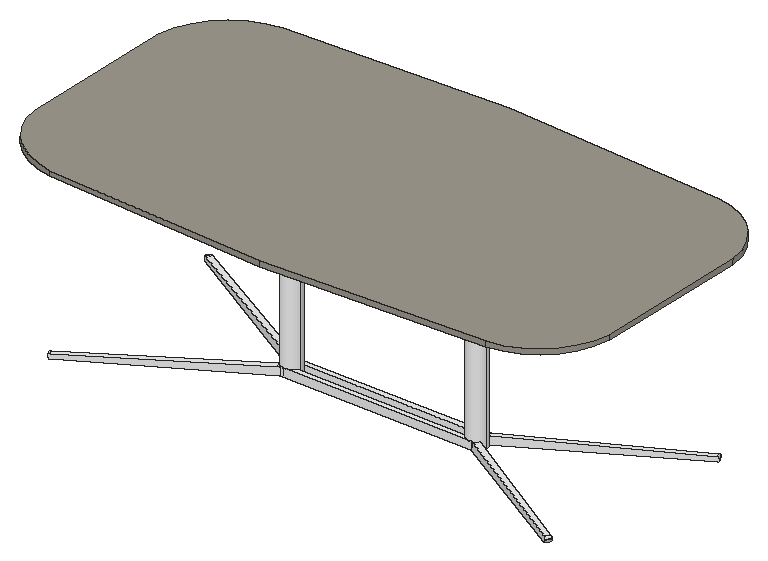
Revit family "Table-Coffee-Teknion-STMTT_Envita-R2011", category Furniture, Revit 2013
Parameters (values of type "18 1/2" High")
  Width = 2' - 4.74016"  # constant formula
  Warranty = "http://www.teknionstudio.com/pdfs/Teknion%20Studio%20Warranty.pdf"
  URL = "http://www.teknionstudio.com/"
  Surface and Edge Trim Finish [instance] = Wood - Teknion - MP G - Natural Maple Flat Edge
  Series = "Teknion Studio"
  Salvage or Reuse = yes
  Product Page URL = "http://www.teknionstudio.com/envita_tables/#.UkRdPz8QP-o"
  Product Line = "Envita"
  Product Documentation Link = "http://www.teknionstudio.com/pricing/STMTT_ppg.pdf"
  Percentage of Recycled Content = 0
  Part Number = "STMTT"
  Model = "STMTTC"
  Manufacturer Phone = "919-464-2920"
  Manufacturer Fax = "919-464-2927"
  Manufacturer Email = "mailto:customersupport@teknionstudio.com"
  Manufacturer Address = "3940 US 70 Business HWY West, Clayton, NC 27520"
  Manufacturer = "Teknion Studio"  # constant formula
  Low Emitting Material = yes
  Low Emitting Finish = yes
  Height = 1' - 6 1/2"
  Frame Finish [instance] = Metal - Teknion - C6 - Chrome
  Description = "Envita Rectangle Coffee Table, 18 1/2\" (47cm) High"
  Depth = 4' - 5.54"  # constant formula
  Assembly Code = "E2020200"
Types (2): name | Model | Height | Description
  15" High | "STMTTA" | 1' - 3" | "Envita Rectangle Coffee Table, 15\" (38cm) High"
  18 1/2" High | "STMTTC" | 1' - 6 1/2" | "Envita Rectangle Coffee Table, 18 1/2\" (47cm) High"
Reference planes (in)
  plane 1 "Center F/B": y = 0
  plane 2: z = 0
  plane 3 "Center L/R": x = 0
  plane 4 "Top": z = 18.5
  plane 5: z = 18.02756
  plane 6: z = 17.90256
  plane 7: z = 0.75
  plane 8: z = 0.40308
  plane 9: z = 17.40256
  plane 10: x = -8.53649
  plane 11 "S1Left": through (-23.585, -9.14916, 48) normal (-0.5, 0.866, 0)
  plane 12: through (-23.71, -8.93265, 48) normal (-0.5, 0.866, 0)
  plane 13: through (-23.46, -9.36566, 48) normal (-0.5, 0.866, 0)
  plane 14: through (-23.46, -9.36566, 48) normal (-0.866, -0.5, 0)
  plane 15 "S1Sup. Left": through (-18.69185, -7.11086, 48) normal (-0.5736, 0.8192, 0)
  plane 16: through (-18.83525, -6.90607, 48) normal (-0.5736, 0.8192, 0)
  plane 17: through (-18.54846, -7.31565, 48) normal (-0.5736, 0.8192, 0)
  plane 18: through (-18.82328, -6.89769, 48) normal (0.8192, 0.5736, 0)
  plane 19: through (-9.41758, -0.31175, 48) normal (0.8192, 0.5736, 0)
  plane 20: through (-9.00095, -1.01773, 48) normal (-0.866, -0.5, 0)
  plane 21: through (-23.585, 9.14916, 48) normal (0.5, 0.866, 0)
  plane 22: through (-23.71, 8.93265, 48) normal (0.5, 0.866, 0)
  plane 23: through (-23.46, 9.36566, 48) normal (0.5, 0.866, 0)
  plane 24: through (-23.46, 9.36566, 48) normal (0.866, -0.5, 0)
  plane 25: through (-18.69185, 7.11086, 48) normal (0.5736, 0.8192, 0)
  plane 26: through (-18.83525, 6.90607, 48) normal (0.5736, 0.8192, 0)
  plane 27: through (-18.54846, 7.31565, 48) normal (0.5736, 0.8192, 0)
  plane 28: through (-18.82328, 6.89769, 48) normal (-0.8192, 0.5736, 0)
  plane 29: through (-9.41758, 0.31175, 48) normal (-0.8192, 0.5736, 0)
  plane 30: through (-9.00095, 1.01773, 48) normal (0.866, -0.5, 0)
  plane 31: x = 8.53649
  plane 32: through (23.585, -9.14916, 48) normal (-0.5, -0.866, 0)
  plane 33: through (23.71, -8.93265, 48) normal (-0.5, -0.866, 0)
  plane 34: through (23.46, -9.36566, 48) normal (-0.5, -0.866, 0)
  plane 35: through (23.46, -9.36566, 48) normal (-0.866, 0.5, 0)
  plane 36: through (18.69185, -7.11086, 48) normal (-0.5736, -0.8192, 0)
  plane 37: through (18.83525, -6.90607, 48) normal (-0.5736, -0.8192, 0)
  plane 38: through (18.54846, -7.31565, 48) normal (-0.5736, -0.8192, 0)
  plane 39: through (18.82328, -6.89769, 48) normal (0.8192, -0.5736, 0)
  plane 40: through (9.41758, -0.31175, 48) normal (0.8192, -0.5736, 0)
  plane 41: through (9.00095, -1.01773, 48) normal (-0.866, 0.5, 0)
  plane 42: through (23.585, 9.14916, 48) normal (0.5, -0.866, 0)
  plane 43: through (23.71, 8.93265, 48) normal (0.5, -0.866, 0)
  plane 44: through (23.46, 9.36566, 48) normal (0.5, -0.866, 0)
  plane 45: through (23.46, 9.36566, 48) normal (0.866, 0.5, 0)
  plane 46: through (18.69185, 7.11086, 48) normal (0.5736, -0.8192, 0)
  plane 47: through (18.83525, 6.90607, 48) normal (0.5736, -0.8192, 0)
  plane 48: through (18.54846, 7.31565, 48) normal (0.5736, -0.8192, 0)
  plane 49: through (18.82328, 6.89769, 48) normal (-0.8192, -0.5736, 0)
  plane 50: through (9.41758, 0.31175, 48) normal (-0.8192, -0.5736, 0)
  plane 51: through (9.00095, 1.01773, 48) normal (0.866, 0.5, 0)
  plane 52: x = -19.99835
  plane 53: x = 19.99835
  plane 54: x = -26.77
  plane 55: x = 26.77
  plane 56: y = 14.37008
  plane 57: y = 9
  plane 58: y = -14.37008
  plane 59: y = -9
  plane 60: y = -8
  plane 61: x = -18.99835
  plane 62: y = 8
  plane 63: x = 18.99835
Forms (in)
  Extrusion 1, solid, material "Metal - Teknion - C6 - Chrome" <- "Frame Finish"
    sketch origin (0, 0, 18.5) x (-1, 0, 0) y (0, -1, 0)
      loop
        arc (7.56825, -0.25) -> (9.53649, 0) -> (7.56825, 0.25) r 1
        line (7.56825, 0.25) -> (-7.56825, 0.25)
        arc (-7.56825, 0.25) -> (-9.53649, 0) -> (-7.56825, -0.25) r 1
        line (-7.56825, -0.25) -> (7.56825, -0.25)
    from -0.59744 to -1.09744
  Extrusion 2, solid, material "Metal - Teknion - C6 - Chrome" <- "Frame Finish"
    sketch origin (-23.46, -9.36566, 48) x (-0.866025, -0.5, 0) y (0, 0, 1)
      loop
        line (0, -47.85) -> (0, -47.74384)
        arc (0, -47.74384) -> (-0.04284, -47.63888) -> (-0.14688, -47.59387) r 0.15
        line (-0.14688, -47.59387) -> (-16.69587, -47.25) -> (-16.69587, -48) -> (-0.15, -48)
        arc (-0.15, -48) -> (-0.04393, -47.95607) -> (0, -47.85) r 0.15
    from 0 to 0.5
  Extrusion 3, solid, material "Metal - Teknion - C6 - Chrome" <- "Frame Finish"
    sketch origin (21.29547, -8.11597, 48) x (0.866025, -0.5, 0) y (0, 0, -1)
      loop
        arc (0, 47.85) -> (-0.04393, 47.95607) -> (-0.15, 48) r 0.15
        line (-0.15, 48) -> (-14.19649, 48) -> (-14.19649, 47.25) -> (-0.14688, 47.59387)
        arc (-0.14688, 47.59387) -> (-0.04284, 47.63888) -> (0, 47.74384) r 0.15
        line (0, 47.74384) -> (0, 47.85)
    from 0 to 0.5
  Extrusion 4, solid, material "Metal - Teknion - C6 - Chrome" <- "Frame Finish"
    sketch origin (-23.46, 9.36566, 48.25) x (-0.866025, 0.5, 0) y (0, 0, -1)
      loop
        arc (0, 48.1) -> (-0.04393, 48.20607) -> (-0.15, 48.25) r 0.15
        line (-0.15, 48.25) -> (-16.69587, 48.25) -> (-16.69587, 47.50435) -> (-0.14692, 47.84387)
        arc (-0.14692, 47.84387) -> (-0.04285, 47.88887) -> (0, 47.99384) r 0.15
        line (0, 47.99384) -> (0, 48.1)
    from 0 to 0.5
  Extrusion 5, solid, material "Metal - Teknion - C6 - Chrome" <- "Frame Finish"
    sketch origin (23.46, 9.36566, 49.5625) x (0.866025, 0.5, 0) y (0, 0, 1)
      loop
        line (0, -49.4125) -> (0, -49.30634)
        arc (0, -49.30634) -> (-0.04285, -49.20137) -> (-0.14691, -49.15637) r 0.15
        line (-0.14691, -49.15637) -> (-16.69587, -48.81567) -> (-16.69587, -49.5625) -> (-0.15, -49.5625)
        arc (-0.15, -49.5625) -> (-0.04393, -49.51857) -> (0, -49.4125) r 0.15
    from 0 to 0.5
  Extrusion 6, solid, material "Metal - Teknion - C6 - Chrome" <- "Frame Finish"
    sketch origin (0, 0, 0) x (1, 0, 0) y (0, 1, 0)
      loop
        arc (-8.64976, 0.875) -> (-8.7502, 0.88822) -> (-8.8438, 0.92699) r 0.38808
        line (-8.8438, 0.92699) -> (-9.00095, 1.01773) -> (-9.25095, 0.58471) -> (-9.07951, 0.48573)
        arc (-9.07951, 0.48573) -> (-8.88017, 0.40316) -> (-8.66625, 0.375) r 0.82652
        line (-8.66625, 0.375) -> (8.6512, 0.375)
        arc (8.6512, 0.375) -> (8.87966, 0.40508) -> (9.09255, 0.49326) r 0.88269
        line (9.09255, 0.49326) -> (9.25095, 0.58471) -> (9.00095, 1.01773) -> (8.83544, 0.92217)
        arc (8.83544, 0.92217) -> (8.75053, 0.887) -> (8.6594, 0.875) r 0.35208
        line (8.6594, 0.875) -> (-8.64976, 0.875)
      loop
        arc (-8.66404, -0.375) -> (-8.8801, -0.40344) -> (-9.08143, -0.48684) r 0.83479
        line (-9.08143, -0.48684) -> (-9.25095, -0.58471) -> (-9.00095, -1.01773) -> (-8.84812, -0.92949)
        arc (-8.84812, -0.92949) -> (-8.75003, -0.88886) -> (-8.64476, -0.875) r 0.40671
        line (-8.64476, -0.875) -> (8.66424, -0.875)
        arc (8.66424, -0.875) -> (8.75069, -0.88638) -> (8.83126, -0.91975) r 0.33403
        line (8.83126, -0.91975) -> (9.00095, -1.01773) -> (9.25095, -0.58471) -> (9.08445, -0.48858)
        arc (9.08445, -0.48858) -> (8.87998, -0.40389) -> (8.66055, -0.375) r 0.84779
        line (8.66055, -0.375) -> (-8.66404, -0.375)
    from 0 to 0.75
  Extrusion 7, solid, material "Metal - Teknion - C6 - Chrome" <- "Frame Finish"
    sketch origin (0, 0, 0) x (1, 0, 0) y (0, 1, 0)
      loop
        circle (-8.53649, 0) r 0.875
      loop
        circle (8.53649, 0) r 0.875
    from 0 to 17.40256
  Extrusion 8, solid, material "Metal - Teknion - C6 - Chrome" <- "Frame Finish"
    sketch origin (-18.54846, -7.31565, 48) x (-0.819152, -0.573576, 0) y (0, 0, -1)
      loop
        line (-0.01461, 30.09744) -> (-0.01461, 30.24963)
        arc (-0.01461, 30.24963) -> (-0.08706, 30.42563) -> (-0.26241, 30.49962) r 0.25
        line (-0.26241, 30.49962) -> (-11.49685, 30.59842) -> (-11.49685, 30.09744) -> (-0.01461, 30.09744)
    from -0.5 to 0
  Extrusion 9, solid, material "Metal - Teknion - C6 - Chrome" <- "Frame Finish"
    sketch origin (-18.54846, 7.31565, 48) x (-0.819152, 0.573576, 0) y (0, 0, 1)
      loop
        line (-0.01461, -30.09744) -> (-11.49685, -30.09744) -> (-11.49685, -30.59842) -> (-0.26241, -30.49962)
        arc (-0.26241, -30.49962) -> (-0.08706, -30.42563) -> (-0.01461, -30.24963) r 0.25
        line (-0.01461, -30.24963) -> (-0.01461, -30.09744)
    from -0.5 to 0
  Extrusion 10, solid, material "Metal - Teknion - C6 - Chrome" <- "Frame Finish"
    sketch origin (18.54846, -7.31565, 48) x (0.819152, -0.573576, 0) y (0, 0, 1)
      loop
        line (-0.01461, -30.09744) -> (-11.49685, -30.09744) -> (-11.49685, -30.59842) -> (-0.26241, -30.49962)
        arc (-0.26241, -30.49962) -> (-0.08706, -30.42563) -> (-0.01461, -30.24963) r 0.25
        line (-0.01461, -30.24963) -> (-0.01461, -30.09744)
    from -0.5 to 0
  Extrusion 11, solid, material "Metal - Teknion - C6 - Chrome" <- "Frame Finish"
    sketch origin (18.54846, 7.31565, 48) x (0.819152, 0.573576, 0) y (0, 0, -1)
      loop
        line (-0.01461, 30.09744) -> (-0.01461, 30.24963)
        arc (-0.01461, 30.24963) -> (-0.08706, 30.42563) -> (-0.26241, 30.49962) r 0.25
        line (-0.26241, 30.49962) -> (-11.49685, 30.59636) -> (-11.49685, 30.09744) -> (-0.01461, 30.09744)
    from -0.5 to 0
  Extrusion 12, solid, material "Metal - Teknion - C6 - Chrome" <- "Frame Finish"
    sketch origin (-15, -180, 17.90256) x (-1, 0, 0) y (0, -1, 0)
      loop
        line (-32.99835, -189) -> (2.99835, -189)
        arc (2.99835, -189) -> (4.41256, -188.41421) -> (4.99835, -187) r 2
        line (4.99835, -187) -> (4.99835, -173)
        arc (4.99835, -173) -> (4.41256, -171.58579) -> (2.99835, -171) r 2
        line (2.99835, -171) -> (-32.99835, -171)
        arc (-32.99835, -171) -> (-34.41256, -171.58579) -> (-34.99835, -173) r 2
        line (-34.99835, -173) -> (-34.99835, -187)
        arc (-34.99835, -187) -> (-34.41256, -188.41421) -> (-32.99835, -189) r 2
    from 0 to 0.125
  Extrusion 13, solid, material "Wood - Teknion - MP G - Natural Maple Flat Edge" <- "Surface and Edge Trim Finish"
    sketch origin (0, 0, 18.5) x (-1, 0, 0) y (0, -1, 0)
      loop
        arc (-20.04365, -13.4054) -> (-10.03342, -14.12877) -> (0, -14.37008) r 208.71063
        arc (0, -14.37008) -> (10.03342, -14.12877) -> (20.04365, -13.4054) r 208.71063
        arc (20.04365, -13.4054) -> (24.36125, -11.37532) -> (26.41337, -7.06814) r 7.08661
        arc (26.41337, -7.06814) -> (26.77165, 0) -> (26.41337, 7.06814) r 69.89829
        arc (26.41337, 7.06814) -> (24.36125, 11.37532) -> (20.04365, 13.4054) r 7.08661
        arc (20.04365, 13.4054) -> (10.03342, 14.12877) -> (0, 14.37008) r 208.71063
        arc (0, 14.37008) -> (-10.03342, 14.12877) -> (-20.04365, 13.4054) r 208.71063
        arc (-20.04365, 13.4054) -> (-24.36125, 11.37532) -> (-26.41337, 7.06814) r 7.08661
        arc (-26.41337, 7.06814) -> (-26.77165, 0) -> (-26.41337, -7.06814) r 69.89829
        arc (-26.41337, -7.06814) -> (-24.36125, -11.37532) -> (-20.04365, -13.4054) r 7.08661
    from 0 to -0.47244
Cuts and joins
  joined: Extrusion 2, Extrusion 3, Extrusion 4, Extrusion 5, Extrusion 6, Extrusion 7
Lines and regions (in)
  Masking region 1
    outline origin (0, 0, 18.5) x (-1, 0, 0) y (0, -1, 0)
      loop
        arc (20.04365, -13.4054) -> (24.36125, -11.37532) -> (26.41337, -7.06814) r 7.08661
        arc (26.41337, -7.06814) -> (26.77165, 0) -> (26.41337, 7.06814) r 69.89829
        arc (26.41337, 7.06814) -> (24.36125, 11.37532) -> (20.04365, 13.4054) r 7.08661
        arc (20.04365, 13.4054) -> (10.03342, 14.12877) -> (0, 14.37008) r 208.71063
        arc (0, 14.37008) -> (-10.03342, 14.12877) -> (-20.04365, 13.4054) r 208.71063
        arc (-20.04365, 13.4054) -> (-24.36125, 11.37532) -> (-26.41337, 7.06814) r 7.08661
        arc (-26.41337, 7.06814) -> (-26.77165, 0) -> (-26.41337, -7.06814) r 69.89829
        arc (-26.41337, -7.06814) -> (-24.36125, -11.37532) -> (-20.04365, -13.4054) r 7.08661
        arc (-20.04365, -13.4054) -> (-10.03342, -14.12877) -> (0, -14.37008) r 208.71063
        arc (0, -14.37008) -> (10.03342, -14.12877) -> (20.04365, -13.4054) r 208.71063
  symbolic lines, style "Hidden Lines", detail levels fine
    curve 1: line (17.99835, 9, 18.5) -> (-17.99835, 9, 18.5)
    curve 2: line (-19.99835, 7, 18.5) -> (-19.99835, -7, 18.5)
    curve 3: line (19.99835, 7, 18.5) -> (19.99835, -7, 18.5)
    curve 4: line (17.99835, -9, 18.5) -> (-17.99835, -9, 18.5)
    curve 5: arc (-19.99835, -7, 18.5) -> (-19.41256, -8.41421, 18.5) -> (-17.99835, -9, 18.5) r 2
    curve 6: arc (-17.99835, 9, 18.5) -> (-19.41256, 8.41421, 18.5) -> (-19.99835, 7, 18.5) r 2
    curve 7: arc (19.99835, 7, 18.5) -> (19.41256, 8.41421, 18.5) -> (17.99835, 9, 18.5) r 2
    curve 8: arc (17.99835, -9, 18.5) -> (19.41256, -8.41421, 18.5) -> (19.99835, -7, 18.5) r 2
  symbolic lines, style "Hidden Lines", detail levels medium+fine
    curve 9: line (-23.46, 9.36566, 18.5) -> (-23.71, 8.93265, 18.5)
    curve 10: line (-23.71, 8.93265, 18.5) -> (-9.10817, 0.50228, 18.5)
    curve 11: line (-23.46, 9.36566, 18.5) -> (-8.86281, 0.93797, 18.5)
    curve 12: line (-23.71, -8.93265, 18.5) -> (-9.10817, -0.50228, 18.5)
    curve 13: line (-23.46, -9.36566, 18.5) -> (-8.86281, -0.93797, 18.5)
    curve 14: line (-23.46, -9.36566, 18.5) -> (-23.71, -8.93265, 18.5)
    curve 15: line (23.46, 9.36566, 18.5) -> (23.71, 8.93265, 18.5)
    curve 16: line (23.46, 9.36566, 18.5) -> (8.86281, 0.93797, 18.5)
    curve 17: line (23.71, 8.93265, 18.5) -> (9.10817, 0.50228, 18.5)
    curve 18: line (23.71, -8.93265, 18.5) -> (9.10817, -0.50228, 18.5)
    curve 19: line (23.46, -9.36566, 18.5) -> (8.86281, -0.93797, 18.5)
    curve 20: line (23.46, -9.36566, 18.5) -> (23.71, -8.93265, 18.5)
    curve 21: line (8.62781, 0.875, 18.5) -> (-8.62781, 0.875, 18.5)
    curve 22: line (-8.63317, 0.375, 18.5) -> (8.63317, 0.375, 18.5)
    curve 23: line (8.63317, -0.375, 18.5) -> (-8.63317, -0.375, 18.5)
    curve 24: line (-8.62781, -0.875, 18.5) -> (8.62781, -0.875, 18.5)
    curve 25: arc (-8.63317, -0.375, 18.5) -> (-8.87904, -0.40737, 18.5) -> (-9.10817, -0.50228, 18.5) r 0.95
    curve 26: arc (-8.86281, -0.93797, 18.5) -> (-8.74945, -0.89101, 18.5) -> (-8.62781, -0.875, 18.5) r 0.47
    curve 27: arc (-8.86281, 0.93797, 18.5) -> (-8.74945, 0.89101, 18.5) -> (-8.62781, 0.875, 18.5) r 0.47
    curve 28: arc (-9.10817, 0.50228, 18.5) -> (-8.87904, 0.40737, 18.5) -> (-8.63317, 0.375, 18.5) r 0.95
    curve 29: arc (8.86281, 0.93797, 18.5) -> (8.74945, 0.89101, 18.5) -> (8.62781, 0.875, 18.5) r 0.47
    curve 30: arc (9.10817, 0.50228, 18.5) -> (8.87904, 0.40737, 18.5) -> (8.63317, 0.375, 18.5) r 0.95
    curve 31: arc (9.10817, -0.50228, 18.5) -> (8.87904, -0.40737, 18.5) -> (8.63317, -0.375, 18.5) r 0.95
    curve 32: arc (8.86281, -0.93797, 18.5) -> (8.74945, -0.89101, 18.5) -> (8.62781, -0.875, 18.5) r 0.47
    curve 33: circle (-8.53649, 0, 18.5) r 0.63236 normal (0, 0, 1)
    curve 34: circle (8.53649, 0, 18.5) r 0.63236 normal (0, 0, -1)
Dimensions and locks (in)
  "Height": plane 4 "Top" to plane 2
  locked: plane 19 to plane 18 at 11.48224
  locked: plane 14 to plane 20 at 16.69587
  equal spacing: plane 12, plane 11 "S1Left", plane 13
  equal spacing: plane 17, plane 15 "S1Sup. Left", plane 16
  locked: plane 17 to plane 16 at 0.5
  locked: plane 12 to plane 13 at 0.5
  locked: plane 29 to plane 28 at 11.48224
  locked: plane 24 to plane 30 at 16.69587
  equal spacing: plane 22, plane 21, plane 23
  equal spacing: plane 27, plane 25, plane 26
  locked: plane 27 to plane 26 at 0.5
  locked: plane 22 to plane 23 at 0.5
  locked: plane 40 to plane 39 at 11.48224
  locked: plane 35 to plane 41 at 16.69587
  equal spacing: plane 33, plane 32, plane 34
  equal spacing: plane 38, plane 36, plane 37
  locked: plane 38 to plane 37 at 0.5
  locked: plane 33 to plane 34 at 0.5
  locked: plane 50 to plane 49 at 11.48224
  locked: plane 45 to plane 51 at 16.69587
  equal spacing: plane 43, plane 42, plane 44
  equal spacing: plane 48, plane 46, plane 47
  locked: plane 48 to plane 47 at 0.5
  locked: plane 43 to plane 44 at 0.5
  equal spacing: plane 10, plane 3 "Center L/R", plane 31
  locked: plane 10 to plane 31 at 17.07298
  locked: plane 8 to plane 2 at 0.40308
  locked: plane 7 to plane 2 at 0.75
  locked: plane 6 to plane 9 at 0.5
  locked: plane 5 to plane 6 at 0.125
  locked: plane 4 "Top" to plane 9 at 1.09744
  equal spacing: Extrusion 1 sketch curve, plane 1 "Center F/B", Extrusion 1 sketch curve
  locked: Extrusion 1 sketch curve to Extrusion 1 sketch curve at 0.5
  equal spacing: plane 56, plane 1 "Center F/B", plane 58
  "Width": plane 56 to plane 58
  equal spacing: plane 54, plane 3 "Center L/R", plane 55
  "Depth": plane 54 to plane 55
  locked: plane 54 to plane 52 at 6.77165
  locked: plane 57 to plane 56 at 5.37008
  locked: plane 59 to plane 58 at 5.37008
  locked: plane 53 to plane 55 at 6.77165
  locked: plane 52 to plane 61 at 1
  locked: plane 60 to plane 59 at 1
  locked: plane 62 to plane 57 at 1
  locked: plane 63 to plane 53 at 1
  curve 24 to curve 23 to plane 1 "Center F/B" to curve 22 to curve 21 = 0' - 0 1/2" locked, 0' - 0 3/8" locked, 0' - 0 3/8" locked, 0' - 0 1/2" locked
  locked: plane 54 to Extrusion 13 sketch curve at 7.40692  (x2)
  locked: Extrusion 13 sketch curve to plane 55 at 7.40692  (x2)
  locked: Extrusion 13 sketch curve to plane 58 at 8.01854  (x2)
  locked: Extrusion 13 sketch curve to plane 56 at 8.01854  (x2)
  locked: Extrusion 3 sketch curve to plane 2 at 0.75
  locked: plane 31 to Extrusion 3 sketch curve at 12.75898
  plane 10 to Extrusion 4 sketch curve to Extrusion 4 sketch curve = 0' - 0.46446" locked, 1' - 2.45905" locked
  locked: Extrusion 4 sketch curve to plane 2 at 0.40613
  locked: Extrusion 4 sketch curve to plane 2 at 0.74565
  plane 31 to Extrusion 5 sketch curve to Extrusion 5 sketch curve = 0' - 0.46446" locked, 1' - 2.45905" locked
  locked: Extrusion 5 sketch curve to plane 2 at 0.74683
  locked: Extrusion 5 sketch curve to plane 2 at 0.40613
  locked: plane 4 "Top" to Extrusion 10 sketch curve at 0.59744
  locked: plane 4 "Top" to Extrusion 10 sketch curve at 1.09842
  locked: plane 4 "Top" to Extrusion 10 sketch curve at 0.99962
  locked: plane 31 to Extrusion 10 sketch curve at 0.5943
  locked: plane 31 to Extrusion 10 sketch curve at 10
  plane 1 "Center F/B" to Extrusion 11 sketch curve to Extrusion 11 sketch curve = 0' - 0.72133" locked, 0' - 6 75/128" locked
  locked: plane 6 to Extrusion 11 sketch curve at 0.40218
  locked: plane 6 to Extrusion 11 sketch curve at 0.49892
  locked: Extrusion 10 sketch curve to plane 1 "Center F/B" at 0.72133
  locked: Extrusion 10 sketch curve to plane 1 "Center F/B" at 7.30727  (x2)
  locked: Extrusion 1 sketch curve to Extrusion 1 sketch curve (radius 0' - 1")  (x2)
  aligned and locked: level to plane 2
  aligned and locked: plane 10 to Extrusion 1 sketch curve
  aligned and locked: plane 1 "Center F/B" to Extrusion 1 sketch curve  (x2)
  aligned and locked: plane 31 to Extrusion 1 sketch curve
  aligned and locked: Extrusion 1 to plane 9
  aligned and locked: plane 6 to Extrusion 1
  aligned and locked: plane 14 to Extrusion 2 sketch curve
  aligned and locked: plane 20 to Extrusion 2 sketch curve
  aligned and locked: plane 2 to Extrusion 2 sketch curve
  aligned and locked: Extrusion 3 to plane 34
  aligned and locked: Extrusion 2 to plane 13
  aligned and locked: Extrusion 4 to plane 23
  aligned and locked: Extrusion 5 to plane 44
  aligned and locked: plane 41 to Extrusion 6 sketch curve
  aligned and locked: Extrusion 6 sketch curve to plane 51
  aligned and locked: plane 30 to Extrusion 6 sketch curve
  aligned and locked: Extrusion 6 sketch curve to plane 20
  aligned and locked: plane 12 to Extrusion 6 sketch curve
  aligned and locked: plane 13 to Extrusion 6 sketch curve
  aligned and locked: plane 22 to Extrusion 6 sketch curve
  aligned and locked: plane 23 to Extrusion 6 sketch curve
  aligned and locked: plane 44 to Extrusion 6 sketch curve
  aligned and locked: plane 43 to Extrusion 6 sketch curve
  aligned and locked: plane 33 to Extrusion 6 sketch curve
  aligned and locked: plane 34 to Extrusion 6 sketch curve
  aligned and locked: plane 7 to Extrusion 6
  aligned and locked: plane 1 "Center F/B" to Extrusion 7 sketch curve  (x2)
  aligned and locked: plane 10 to Extrusion 7 sketch curve
  aligned and locked: plane 31 to Extrusion 7 sketch curve
  aligned and locked: plane 9 to Extrusion 7
  aligned and locked: plane 18 to Extrusion 8 sketch curve
  aligned and locked: plane 6 to Extrusion 8 sketch curve
  aligned and locked: plane 19 to Extrusion 8 sketch curve
  aligned and locked: plane 17 to Extrusion 8
  aligned and locked: plane 16 to Extrusion 8
  aligned and locked: plane 19 to Extrusion 8
  aligned and locked: plane 29 to Extrusion 9
  aligned and locked: plane 27 to Extrusion 9
  aligned and locked: plane 26 to Extrusion 9
  aligned and locked: plane 48 to Extrusion 11
  aligned and locked: plane 47 to Extrusion 11
  aligned and locked: plane 50 to Extrusion 11
  aligned and locked: plane 40 to Extrusion 10
  aligned and locked: plane 38 to Extrusion 10
  aligned and locked: plane 37 to Extrusion 10
  aligned and locked: Extrusion 12 sketch curve to plane 57
  aligned and locked: Extrusion 12 sketch curve to plane 59
  aligned and locked: Extrusion 12 sketch curve to plane 52
  aligned and locked: Extrusion 12 sketch curve to plane 53
  aligned and locked: Extrusion 13 to plane 5
  aligned and locked: plane 5 to Extrusion 12
  aligned and locked: Masking region 1 sketch curve to Extrusion 13  (x10)
  aligned and locked: curve 5 to Extrusion 12
  aligned and locked: curve 6 to Extrusion 12
  aligned and locked: curve 7 to Extrusion 12
  aligned and locked: curve 8 to Extrusion 12
  aligned and locked: plane 24 to curve 9
  aligned and locked: plane 22 to curve 10
  aligned and locked: plane 23 to curve 11
  aligned and locked: curve 12 to plane 12
  aligned and locked: curve 13 to plane 13
  aligned and locked: curve 14 to plane 14
  aligned and locked: curve 15 to plane 45
  aligned and locked: curve 16 to plane 44
  aligned and locked: curve 17 to plane 43
  aligned and locked: plane 33 to curve 18
  aligned and locked: plane 34 to curve 19
  aligned and locked: plane 35 to curve 20
  aligned and locked: Extrusion 6 to curve 21
  aligned and locked: Extrusion 6 to curve 22
  aligned and locked: Extrusion 6 to curve 23
  aligned and locked: Extrusion 6 to curve 24
  aligned and locked: plane 1 "Center F/B" to curve 33
  aligned and locked: plane 10 to curve 33
  aligned and locked: plane 31 to curve 34
  aligned and locked: plane 1 "Center F/B" to curve 34
  aligned and locked: Extrusion 5 to plane 51
  aligned and locked: plane 51 to Extrusion 6  (x5)
  aligned and locked: plane 41 to Extrusion 6  (x3)
  aligned and locked: Extrusion 3 to plane 41
  aligned and locked: plane 30 to Extrusion 6  (x2)
  aligned and locked: Extrusion 4 to plane 30
  aligned and locked: plane 2 to Extrusion 3 sketch curve
  aligned and locked: Extrusion 4 sketch curve to plane 2
  aligned and locked: plane 2 to Extrusion 5 sketch curve
  aligned and locked: plane 3 "Center L/R" to Extrusion 13 sketch curve
  aligned and locked: plane 56 to Extrusion 13 sketch curve
  aligned and locked: Extrusion 13 sketch curve to plane 3 "Center L/R"
  aligned and locked: Extrusion 13 sketch curve to plane 58
  aligned and locked: plane 6 to Extrusion 11 sketch curve
  aligned and locked: Extrusion 10 sketch curve to plane 6
Automatic sketch dimensions
  Extrusion 12 sketch curve to plane 53 = 0' - 2"  (x2)
  plane 52 to Extrusion 12 sketch curve = 0' - 2"
  Extrusion 12 sketch curve to Extrusion 12 sketch curve = 0' - 2"
  plane 7 to Extrusion 2 sketch curve = 0' - 0"
  Extrusion 2 sketch curve to plane 14 = 0' - 0.15"
  Extrusion 2 sketch curve to Extrusion 2 sketch curve = 0' - 0"
  Extrusion 2 sketch curve to plane 8 = 0' - 0.00305"
  Extrusion 2 sketch curve to plane 14 = 0' - 0.14688"
  Extrusion 3 sketch curve to plane 41 = 0' - 0"
  plane 35 to Extrusion 3 sketch curve = 0' - 2.64938"
  Extrusion 3 sketch curve to Extrusion 3 sketch curve = 0' - 0"
  plane 8 to Extrusion 3 sketch curve = 0' - 0.00305"
  Extrusion 3 sketch curve to Extrusion 3 sketch curve = 0' - 0.00312"
  Extrusion 3 sketch curve to plane 8 = 0' - 0.14692"
  Extrusion 4 sketch curve to plane 30 = 0' - 0"
  Extrusion 4 sketch curve to plane 24 = 0' - 0"
  plane 24 to Extrusion 4 sketch curve = 0' - 0.15"
  Extrusion 4 sketch curve to Extrusion 4 sketch curve = 0' - 0"
  plane 8 to Extrusion 4 sketch curve = 0' - 0.00305"
  plane 24 to Extrusion 4 sketch curve = 0' - 0.14692"
  plane 7 to Extrusion 4 sketch curve = 0' - 0.00435"
  Extrusion 5 sketch curve to plane 51 = 0' - 0"
  Extrusion 5 sketch curve to plane 45 = 0' - 0"
  Extrusion 5 sketch curve to plane 45 = 0' - 0.15"
  Extrusion 5 sketch curve to Extrusion 5 sketch curve = 0' - 0"
  Extrusion 5 sketch curve to plane 8 = 0' - 0.00305"
  Extrusion 5 sketch curve to plane 45 = 0' - 0.14691"
  Extrusion 5 sketch curve to plane 7 = 0' - 0.00317"
  Extrusion 6 sketch curve to Extrusion 6 sketch curve = 0' - 0.16952"
  Extrusion 6 sketch curve to Extrusion 6 sketch curve = 0' - 0.17144"
  Extrusion 6 sketch curve to Extrusion 6 sketch curve = 0' - 0.15283"
  Extrusion 6 sketch curve to Extrusion 6 sketch curve = 0' - 0.15715"
  Extrusion 6 sketch curve to plane 10 = 0' - 0.12976"
  Extrusion 6 sketch curve to plane 10 = 0' - 0.12755"
  Extrusion 6 sketch curve to Extrusion 6 sketch curve = 0' - 0.01649"
  Extrusion 6 sketch curve to plane 10 = 0' - 0.10827"
  Extrusion 6 sketch curve to plane 31 = 0' - 0.11471"
  Extrusion 6 sketch curve to Extrusion 6 sketch curve = 0' - 0.0082"
  Extrusion 6 sketch curve to Extrusion 6 sketch curve = 0' - 0.5904"
  Extrusion 6 sketch curve to plane 31 = 0' - 0.12775"
  Extrusion 6 sketch curve to Extrusion 6 sketch curve = 0' - 0.16702"
  Extrusion 6 sketch curve to Extrusion 6 sketch curve = 0' - 0.17604"
  plane 1 "Center F/B" to Extrusion 6 sketch curve = 0' - 0.48858"
  Extrusion 6 sketch curve to Extrusion 6 sketch curve = 0' - 0.1584"
  Extrusion 6 sketch curve to Extrusion 6 sketch curve = 0' - 0.28928"
  Extrusion 6 sketch curve to Extrusion 6 sketch curve = 0' - 0.07193"
  Extrusion 6 sketch curve to plane 1 "Center F/B" = 0' - 0 3/8"
  Extrusion 6 sketch curve to Extrusion 6 sketch curve = 0' - 0.05199"
  Extrusion 8 sketch curve to plane 18 = 0' - 0 1/4"
  Extrusion 8 sketch curve to plane 9 = 0' - 0.09782"  (x2)
  Extrusion 8 sketch curve to plane 18 = 0' - 0.2478"
  plane 9 to Extrusion 8 sketch curve = 0' - 0.00098"
  plane 6 to Extrusion 9 sketch curve = 0' - 0"
  Extrusion 9 sketch curve to plane 29 = 0' - 0"
  Extrusion 9 sketch curve to plane 28 = 0' - 0"
  Extrusion 9 sketch curve to plane 6 = 0' - 0.15219"
  plane 28 to Extrusion 9 sketch curve = 0' - 0 1/4"
  plane 9 to Extrusion 9 sketch curve = 0' - 0.09782"  (x2)
  Extrusion 9 sketch curve to plane 9 = 0' - 0.00098"
  Extrusion 10 sketch curve to plane 40 = 0' - 0"
  Extrusion 10 sketch curve to plane 39 = 0' - 0"
  plane 39 to Extrusion 10 sketch curve = 0' - 0 1/4"
  plane 39 to Extrusion 10 sketch curve = 0' - 0.2478"
  plane 9 to Extrusion 10 sketch curve = 0' - 0.09782"
  Extrusion 11 sketch curve to plane 50 = 0' - 0"
  Extrusion 11 sketch curve to plane 49 = 0' - 0"
  Extrusion 11 sketch curve to plane 6 = 0' - 0.15219"
  plane 49 to Extrusion 11 sketch curve = 0' - 0 1/4"
  plane 9 to Extrusion 11 sketch curve = 0' - 0.09782"  (x2)
  plane 9 to Extrusion 11 sketch curve = 0' - 0.00108"
  Extrusion 13 sketch curve to Extrusion 13 sketch curve = 0' - 0"  (x8)
  plane 1 "Center F/B" to Extrusion 13 sketch curve = 0' - 0"  (x2)
  plane 53 to Extrusion 13 sketch curve = 0' - 0.0453"
  plane 55 to Extrusion 13 sketch curve = 0' - 0.35663"
  Extrusion 13 sketch curve to plane 52 = 0' - 0.0453"
  Extrusion 13 sketch curve to plane 1 "Center F/B" = 0' - 7.06814"
  curve 17 to plane 1 "Center F/B" = 0' - 0.50228"
  plane 1 "Center F/B" to curve 18 = 0' - 0.50228"
  curve 32 to plane 31 = 0' - 0.32632"
  curve 29 to plane 31 = 0' - 0.32632"
  curve 31 to plane 31 = 0' - 0.09667"
  curve 29 to plane 31 = 0' - 0.09132"
  curve 31 to curve 32 = 0' - 0.00536"
  curve 26 to plane 10 = 0' - 0.09132"
  curve 27 to plane 10 = 0' - 0.09132"
  curve 26 to curve 25 = 0' - 0.00536"
  curve 28 to plane 10 = 0' - 0.09667"
  curve 27 to curve 27 = 0' - 0.235"
  plane 1 "Center F/B" to curve 12 = 0' - 0.50228"
  curve 29 to curve 30 = 0' - 0.02"
  curve 24 to curve 26 = 0' - 0.06297"
  curve 10 to plane 1 "Center F/B" = 0' - 0.50228"
  radius of Extrusion 7 sketch curve = 0' - 0 7/8"  (x2)
  radius of curve 33 = 0' - 0.63236"
  radius of curve 34 = 0' - 0.63236"
